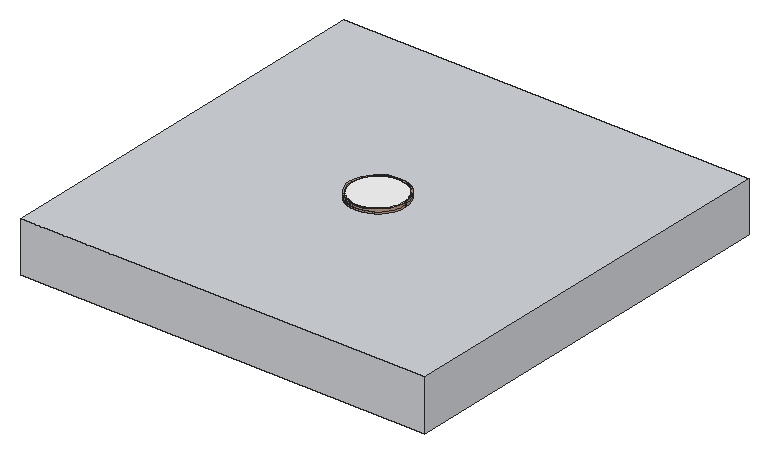
Revit family "Zumtobel CAELA", category Lighting Fixtures, host Face, Revit 2018
Family settings
  Host = Face
  Round Connector Dimension = Use Diameter
  Part Type = Normal
  OmniClass Number = 23.80.70.11
  OmniClass Title = Luminaries for Internal Lighting
  Cut with Voids When Loaded = No
  Light Source = Yes
  Shared = No
  Room Calculation Point = No
Parameters (values of type "CAELA RMS LED1100-930 OP WH")
  Width = 334 mm
  Wattage = 7.40531 W
  built-in parameter 1150110 = 1 (stored number, unit not read)
  URL = "http://www.zumtobel.com/60819086"
  Type Comments = "© Zumtobel. We reserve the right to make technical changes without prior notice."  # constant formula
  built-in parameter 1114217 = 1 (stored number, unit not read)
  Tilt Angle = -90.00°
  built-in parameter 1150109 = 1 (stored number, unit not read)
  built-in parameter 1150134 = 12
  Suspension Value [instance] = if(Suspended, Suspension Height, 57 mm)  # 57 mm
  Suspension Height [instance] = 0 mm
  Sunspension [instance] = Zumtobel_Caela_Metal_Silver
  Square Shape = no
  Round Shape = not(Square Shape)  # yes
  Interior Width = Width - 20 mm  # 314 mm
  Frame [instance] = Zumtobel_Caela_Metal_Copper
  Emit from Circle Diameter = Width  # 334 mm
  Suspended [instance] = no
  built-in parameter 1150113 = 1 (stored number, unit not read)
  Photometric Web File = "60819068_(STD_LEO).IES"
  Model = "60819086"
  Manufacturer = "Zumtobel Lighting"  # constant formula
  built-in parameter 1150105 = 87.535 (stored number, unit not read)
  Lumens = 1100 lm
  built-in parameter 1150115 = 1 (stored number, unit not read)
  built-in parameter 1150137 = (empty or 0)
  built-in parameter 1150139 = (empty or 0)
  Length = Width  # 334 mm
  built-in parameter 1150112 = 1 (stored number, unit not read)
  built-in parameter 1150114 = 1 (stored number, unit not read)
  Lamp = "LED"  # constant formula
  built-in parameter 1150132 = 2
  built-in parameter 1150102 = (empty or 0)
  built-in parameter 1150107 = 4000 (stored number, unit not read)
  built-in parameter 1150138 = (empty or 0)
  built-in parameter 1150106 = 0.87535 (stored number, unit not read)
  Height = 57 mm  # constant formula
  Emit Shape Visible in Rendering = no
  built-in parameter 1150104 = 13.8 (stored number, unit not read)
  Dimming Lamp Color Temperature Shift = <None>
  Description = "Square LED wall and ceiling luminaire"
  Default Elevation = 0 mm
  Color Light Emitting Surface [instance] = Zumtobel_Caela_Cover_SI_Opaque
  Color Filter = 16777215
  Body [instance] = Zumtobel_Caela_Metal_Copper
  built-in parameter 1114218 = 1 (stored number, unit not read)
  built-in parameter 1150133 = 10 (stored number, unit not read)
  Assembly Code = "D5020200"
  Apparent Load = 19 VA
Types (4, lengths in mm): name | Width | Wattage | URL | Suspension Value | Suspension Height | Square Shape | Round Shape | Interior Width | Emit from Circle Diameter | Suspended | Photometric Web File | Model | built-in parameter 1150105 | Lumens | Length | built-in parameter 1150106 | Description | Apparent Load
  CAELA QLS 431 | 431 | 14.1374 W | "http://www.zumtobel.com/60815994" | 600 | 600 | yes | no | 411 | 431 | yes | "ST8099.IES" | "60815994" | 167.11 (stored number, unit not read) | 2100 lm | 431 | 1.6711 (stored number, unit not read) | "Square LED wall and ceiling luminaire" | 18 VA
  CAELA RMS LED1100-930 OP WH | 334 | 7.40531 W | "http://www.zumtobel.com/60819086" | 57 | 0 | no | yes | 314 | 334 | no | "60819068_(STD_LEO).IES" | "60819086" | 87.535 (stored number, unit not read) | 1100 lm | 334 | 0.87535 (stored number, unit not read) | "Square LED wall and ceiling luminaire" | 19 VA
  CAELA RLS 432 | 432 | 10.0982 W | "http://www.zumtobel.com/60815988" | 500 | 500 | no | yes | 412 | 432 | yes | "ST8093.IES" | "60815988" | 119.37 (stored number, unit not read) | 1500 lm | 432 | 1.1937 (stored number, unit not read) | "Round LED wall and ceiling luminaire" | 23 VA
  CAELA RMS 334 | 334 | 10.0982 W | "http://www.zumtobel.com/60815976" | 500 | 500 | no | yes | 314 | 334 | yes | "ST8090.IES" | "60815976" | 119.37 (stored number, unit not read) | 1500 lm | 334 | 1.1937 (stored number, unit not read) | "Round LED wall and ceiling luminaire" | 17 VA
Reference planes
  plane 1 "Center (Front/Back)": y = -48.5
  plane 2 "Top": z = 0
  plane 3 "Center (Left/Right)": x = -0.5
  plane 4: x = 166.5
  plane 5: x = -167.5
  plane 6: y = 118.5
  plane 7: y = -215.5
  plane 8 "Bottom": z = 57
  plane 9: z = 33
  plane 10: z = 45
  plane 11: z = 5
  plane 12: x = -157.5
  plane 13: x = 156.5
  plane 14: y = 108.5
  plane 15: y = -205.5
Forms (mm)
  Extrusion 1, solid
    sketch origin (0, 0, 0) x (1, 0, 0) y (0, 1, 0)
      loop
        line (-1219.2, 1219.2) -> (-1219.2, -1219.2) -> (1219.2, -1219.2) -> (1219.2, 1219.2) -> (-1219.2, 1219.2)
    from 0 to -304.8
  Extrusion 2, solid, material "Zumtobel_Caela_Cover_SI_Opaque" <- "Color Light Emitting Surface", visible <- "Square Shape"
    sketch origin (0, 0, 0) x (1, 0, 0) y (0, 1, 0)
      loop
        arc (-147.5, 108.5) -> (-154.571, 105.571) -> (-157.5, 98.5) r 10
        line (-157.5, 98.5) -> (-157.5, -195.5)
        arc (-157.5, -195.5) -> (-154.571, -202.571) -> (-147.5, -205.5) r 10
        line (-147.5, -205.5) -> (146.5, -205.5)
        arc (146.5, -205.5) -> (153.571, -202.571) -> (156.5, -195.5) r 10
        line (156.5, -195.5) -> (156.5, 98.5)
        arc (156.5, 98.5) -> (153.571, 105.571) -> (146.5, 108.5) r 10
        line (146.5, 108.5) -> (-147.5, 108.5)
    from 45 to 57
  Revolve 3, solid, material "Zumtobel_Caela_Metal_Copper" <- "Body", visible <- "Suspended"
    sketch origin (50, -48.5, 0) x (1, 0, 0) y (0, 0, 1)
      loop
        line (-55.5, 0) -> (-120.795, 0) -> (-120.795, 3.771) -> (-129.623, 3.771)
        arc (-129.623, 3.771) -> (-128.446, 2.574) -> (-127.374, 1.282) r 19.868
        arc (-127.374, 1.282) -> (-126.447, 0.348) -> (-125.309, -0.311) r 5
        arc (-125.309, -0.311) -> (-91.078, -11.232) -> (-55.5, -16.258) r 213.481
        line (-55.5, -16.258) -> (-55.5, 0)
      axis (-50.5, 3.771) -> (-50.5, -16.258)
    angle from 0 to 360
  Extrusion 4, solid, material "Zumtobel_Caela_Metal_Copper" <- "Body", visible <- "Square Shape"
    sketch origin (0, 0, -40) x (1, 0, 0) y (0, 1, 0)
      loop
        arc (-147.5, 118.5) -> (-161.642, 112.642) -> (-167.5, 98.5) r 20
        line (-167.5, 98.5) -> (-167.5, -195.5)
        arc (-167.5, -195.5) -> (-161.642, -209.642) -> (-147.5, -215.5) r 20
        line (-147.5, -215.5) -> (146.5, -215.5)
        arc (146.5, -215.5) -> (160.642, -209.642) -> (166.5, -195.5) r 20
        line (166.5, -195.5) -> (166.5, 98.5)
        arc (166.5, 98.5) -> (160.642, 112.642) -> (146.5, 118.5) r 20
        line (146.5, 118.5) -> (-147.5, 118.5)
    from 73 to 85
  Revolve 5, solid, material "Zumtobel_Caela_Metal_Copper" <- "Body", visible <- "Square Shape"
    sketch origin (0, -48.5, 0) x (1, 0, 0) y (0, 0, 1)
      loop
        line (-0.5, 33) -> (-147.5, 33)
        arc (-147.5, 33) -> (-111.317, 25.716) -> (-80.771, 5) r 93.513
        line (-80.771, 5) -> (-70.795, 5) -> (-70.795, 0) -> (-0.5, 0) -> (-0.5, 33)
      axis (-0.5, 33) -> (-0.5, 0)
    angle from 0 to 360
  Extrusion 6, solid, material "Zumtobel_Caela_Metal_Silver" <- "Sunspension", visible <- "Suspended"
    sketch origin (0, 0, 0) x (1, 0, 0) y (0, 1, 0)
      loop
        circle (-0.5, -48.5) r 5
    from 0 to 5
  Extrusion 7, solid, material "Zumtobel_Caela_Metal_Copper" <- "Body", visible <- "Round Shape"
    sketch origin (0, 0, -240) x (1, 0, 0) y (0, 1, 0)
      loop
        circle (-0.5, -48.5) r 167
    from 273 to 285
  Revolve 8, solid, material "Zumtobel_Caela_Metal_Copper" <- "Body", visible <- "Round Shape"
    sketch origin (0, -48.5, 0) x (1, 0, 0) y (0, 0, 1)
      loop
        line (-0.5, 33) -> (-147.5, 33)
        arc (-147.5, 33) -> (-111.317, 25.716) -> (-80.771, 5) r 93.513
        line (-80.771, 5) -> (-70.795, 5) -> (-70.795, 0) -> (-0.5, 0) -> (-0.5, 33)
      axis (-0.5, 33) -> (-0.5, 0)
    angle from 0 to 360
  Extrusion 9, solid, material "Zumtobel_Caela_Cover_SI_Opaque" <- "Color Light Emitting Surface", visible <- "Round Shape"
    sketch origin (0, 0, -200) x (1, 0, 0) y (0, 1, 0)
      loop
        circle (-0.5, -48.5) r 157
    from 245 to 257
  Extrusion 10, solid, material "Zumtobel_Caela_Metal_Copper" <- "Frame", visible <- "Square Shape"
    sketch origin (0, 0, 15) x (1, 0, 0) y (0, 1, 0)
      loop
        arc (-147.5, 118.5) -> (-161.642, 112.642) -> (-167.5, 98.5) r 20
        line (-167.5, 98.5) -> (-167.5, -195.5)
        arc (-167.5, -195.5) -> (-161.642, -209.642) -> (-147.5, -215.5) r 20
        line (-147.5, -215.5) -> (146.5, -215.5)
        arc (146.5, -215.5) -> (160.642, -209.642) -> (166.5, -195.5) r 20
        line (166.5, -195.5) -> (166.5, 98.5)
        arc (166.5, 98.5) -> (160.642, 112.642) -> (146.5, 118.5) r 20
        line (146.5, 118.5) -> (-147.5, 118.5)
      loop
        arc (-147.5, 108.5) -> (-154.571, 105.571) -> (-157.5, 98.5) r 10
        line (-157.5, 98.5) -> (-157.5, -195.5)
        arc (-157.5, -195.5) -> (-154.571, -202.571) -> (-147.5, -205.5) r 10
        line (-147.5, -205.5) -> (146.5, -205.5)
        arc (146.5, -205.5) -> (153.571, -202.571) -> (156.5, -195.5) r 10
        line (156.5, -195.5) -> (156.5, 98.5)
        arc (156.5, 98.5) -> (153.571, 105.571) -> (146.5, 108.5) r 10
        line (146.5, 108.5) -> (-147.5, 108.5)
    from 30 to 42
  Extrusion 11, solid, material "Zumtobel_Caela_Metal_Copper" <- "Frame", visible <- "Round Shape"
    sketch origin (500, 0, -200) x (1, 0, 0) y (0, 1, 0)
      loop
        circle (-500.5, -48.5) r 157
      loop
        circle (-500.5, -48.5) r 167
    from 245 to 257
Cuts and joins
  joined: Extrusion 4, Revolve 5
  joined: Extrusion 7, Revolve 8
Dimensions and locks
  "Width": plane 5 to plane 4
  equal spacing: plane 5, plane 3 "Center (Left/Right)", plane 4
  equal spacing: plane 6, plane 1 "Center (Front/Back)", plane 7
  "Length": plane 6 to plane 7
  "Suspension Value": plane 8 "Bottom" to plane 2 "Top"
  plane 8 "Bottom" to plane 10 to plane 9 to plane 11 = 12 mm locked, 12 mm locked, 28 mm locked
  locked: plane 15 to plane 7 at 10
  locked: plane 14 to plane 6 at 10
  locked: plane 5 to plane 12 at 10
  locked: plane 13 to plane 4 at 10
  "Interior Width": diameter of Extrusion 9 sketch curve
  "Length": diameter of Extrusion 7 sketch curve
  "Interior Width": diameter of Extrusion 11 sketch curve
  "Width": diameter of Extrusion 11 sketch curve
  aligned and locked: plane 2 "Top" to Extrusion 1
  aligned and locked: level to Extrusion 1
  aligned and locked: imposter light to plane 1 "Center (Front/Back)"
  aligned and locked: plane 3 "Center (Left/Right)" to imposter light
  aligned and locked: plane 8 "Bottom" to imposter light
  aligned and locked: plane 8 "Bottom" to Extrusion 2
  aligned and locked: Extrusion 2 to plane 10
  aligned and locked: plane 10 to cut or joined group of Extrusion 4, Revolve 5
  aligned and locked: cut or joined group of Extrusion 4, Revolve 5 to plane 9
  aligned and locked: plane 11 to Extrusion 6
  aligned and locked: imposter light to Extrusion 9
  aligned and locked: Extrusion 9 to plane 10
  aligned and locked: plane 10 to cut or joined group of Extrusion 7, Revolve 8
  aligned and locked: cut or joined group of Extrusion 7, Revolve 8 to plane 9
  aligned and locked: plane 14 to Extrusion 2 sketch curve
  aligned and locked: plane 12 to Extrusion 2 sketch curve
  aligned and locked: plane 13 to Extrusion 2 sketch curve
  aligned and locked: plane 15 to Extrusion 2 sketch curve
  aligned and locked: plane 12 to Extrusion 10 sketch curve
  aligned and locked: plane 15 to Extrusion 10 sketch curve
  aligned and locked: plane 13 to Extrusion 10 sketch curve
  aligned and locked: plane 14 to Extrusion 10 sketch curve
  aligned and locked: Extrusion 10 to plane 10
  aligned and locked: imposter light to Extrusion 10
  aligned and locked: plane 8 "Bottom" to Extrusion 11
  aligned and locked: Extrusion 11 to plane 10
  aligned and locked: plane 3 "Center (Left/Right)" to Extrusion 11 sketch curve  (x2)
  aligned and locked: plane 1 "Center (Front/Back)" to Extrusion 11 sketch curve  (x2)
Automatic sketch dimensions
  Extrusion 1 sketch curve to Extrusion 1 sketch curve = 2438.4 mm  (x2)
  plane 12 to Extrusion 2 sketch curve = 10 mm  (x2)
  plane 13 to Extrusion 2 sketch curve = 10 mm  (x2)
  Revolve 3 sketch curve to plane 3 "Center (Left/Right)" = 0 mm
  Revolve 3 sketch curve to plane 3 "Center (Left/Right)" = 5 mm
  Revolve 3 sketch curve to plane 11 = 5 mm
  Revolve 3 sketch curve to Revolve 3 sketch curve = 65.295 mm
  Revolve 3 sketch curve to plane 11 = 0.692 mm
  Revolve 3 sketch curve to Revolve 3 sketch curve = 2.599 mm
  Revolve 3 sketch curve to plane 11 = 1.229 mm
  Revolve 3 sketch curve to Revolve 3 sketch curve = 6.229 mm
  Revolve 3 sketch curve to Revolve 3 sketch curve = 13.567 mm
  plane 3 "Center (Left/Right)" to Revolve 3 sketch curve = 6.964 mm
  Revolve 3 sketch curve to plane 11 = 15.743 mm
  Revolve 3 sketch curve to Revolve 3 sketch curve = 16.258 mm
  plane 8 "Bottom" to Revolve 3 sketch curve = 139.888 mm
  Revolve 3 sketch curve to Revolve 3 sketch curve = 0 mm
  Revolve 3 sketch curve to Revolve 3 sketch curve = 23.742 mm
  Revolve 3 sketch curve to Revolve 3 sketch curve = 20 mm
  Extrusion 4 sketch curve to plane 5 = 0 mm
  Extrusion 4 sketch curve to plane 7 = 0 mm
  plane 6 to Extrusion 4 sketch curve = 0 mm
  Extrusion 4 sketch curve to plane 4 = 0 mm
  plane 12 to Extrusion 4 sketch curve = 10 mm  (x2)
  plane 13 to Extrusion 4 sketch curve = 10 mm  (x2)
  Revolve 5 sketch curve to plane 9 = 0 mm
  Revolve 5 sketch curve to plane 11 = 0 mm
  Revolve 5 sketch curve to plane 3 "Center (Left/Right)" = 0 mm  (x2)
  Revolve 5 sketch curve to plane 3 "Center (Left/Right)" = 70.295 mm
  Revolve 5 sketch curve to Revolve 5 sketch curve = 9.977 mm
  plane 12 to Revolve 5 sketch curve = 10 mm
  Revolve 5 sketch curve to plane 11 = 5 mm
  Revolve 5 sketch curve to plane 8 "Bottom" = 1.54 mm
  plane 8 "Bottom" to Revolve 5 sketch curve = 13.46 mm
  plane 1 "Center (Front/Back)" to Extrusion 6 sketch curve = 0 mm
  Extrusion 6 sketch curve to plane 3 "Center (Left/Right)" = 0 mm
  plane 1 "Center (Front/Back)" to Extrusion 7 sketch curve = 0 mm
  Extrusion 7 sketch curve to plane 3 "Center (Left/Right)" = 0 mm
  Revolve 8 sketch curve to plane 9 = 0 mm
  Revolve 8 sketch curve to plane 11 = 0 mm
  Revolve 8 sketch curve to plane 3 "Center (Left/Right)" = 0 mm  (x2)
  Revolve 8 sketch curve to plane 3 "Center (Left/Right)" = 70.295 mm
  Revolve 8 sketch curve to Revolve 8 sketch curve = 9.977 mm
  plane 12 to Revolve 8 sketch curve = 10 mm
  Revolve 8 sketch curve to plane 11 = 5 mm
  Revolve 8 sketch curve to plane 8 "Bottom" = 1.54 mm
  plane 8 "Bottom" to Revolve 8 sketch curve = 13.46 mm
  plane 1 "Center (Front/Back)" to Extrusion 9 sketch curve = 0 mm
  Extrusion 9 sketch curve to plane 3 "Center (Left/Right)" = 0 mm
  Extrusion 10 sketch curve to Extrusion 10 sketch curve = 0 mm  (x8)
  Extrusion 10 sketch curve to plane 5 = 0 mm
  plane 12 to Extrusion 10 sketch curve = 10 mm  (x2)
  plane 13 to Extrusion 10 sketch curve = 10 mm  (x2)
  radius of Extrusion 6 sketch curve = 5 mm
Connectors
  electrical at (-0.5, -48.5, 0), driven by "Apparent Load"
    settings: index 1, voltage 230 V, apparent load 0 VA, apparent load phase1 19 VA, apparent load phase2 0 VA, apparent load phase3 0 VA, power factor 1, load classification "Other", number of poles 1, system type 31, power factor state 1, is connector primary yes, connector utility no, sub classification motor no, connector description ""
